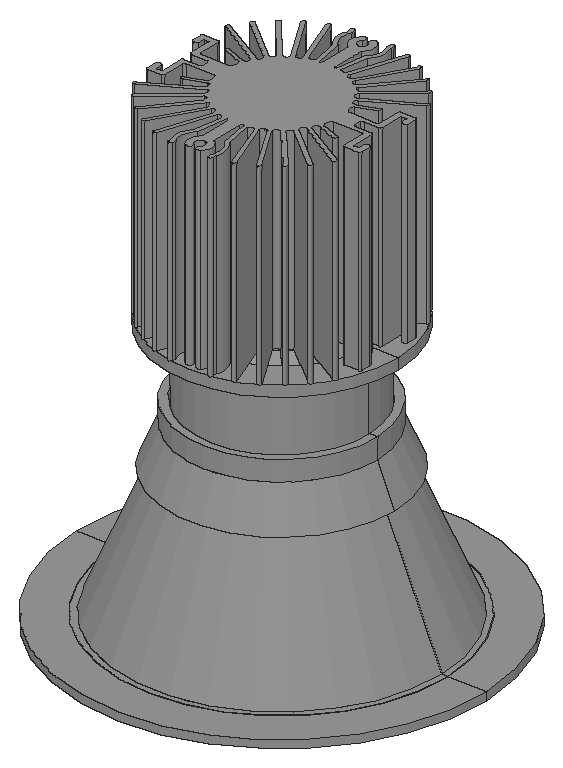
Revit family "Artemide_Everything_105", category Lighting Fixtures, Revit 2018 (continued)
Types (160, lengths in mm): name | V_TrimlessSquare | V_TrimlessRound | V_TrimSquare | V_TrimRound | V_Square | V_Round | Radius_RoundVoidReal | Photometric Web File | M_Trim | M_Louvre | M_HousingLed | built-in parameter 1150105 | Lumens | built-in parameter 1150107 | built-in parameter 1150106 | URL to O&M Manual | Trim Material | Trim Finish | Trim Colour  | Product Model Number | Product Literature | Overall Width | Overall Length | Output Lumens Direct light | Input Lumens Direct light | Initial Lumens | IES Files  | Housing Colour  | Face Shape | Efficiency | built-in parameter 1150104 | Distance_SquareVoidReal | Cut Out Width | Cut Out Length | Colour Temperature | Angle_LightReal | Adjustable
  Everything_105_Round_Trim_Adj_28°_3000K_White/PolishedMetal_M256625 | no | no | no | yes | no | yes | 42.5 | "M256625.IES" | Artemide_Aluminum_White | Artemide_Aluminum_PolishedMetal | Artemide_Aluminum_PolishedMetal | 66.26 (stored number, unit not read) | 832.65 lm | 3000 (stored number, unit not read) | 0.6626 (stored number, unit not read) | "https://www.artemide.com/contents/documenti/prodotto/everything_105_trim_instructions4838272.pdf" | "Aluminium" | "Painted" | "Polished Metal" | "M256625" | "https://www.artemide.com/it/subfamily/2433436/everything-105-trim" | 0 | 105 | 883 | 1390 | 883 | "https://www.artemide.com/product/downloadFile/2438585/ieseu/4916884" | "White" | "Round" | 60 | 5.9504 (stored number, unit not read) | 0.8 | 80 | 130 | 3000 | 60.00° | yes
  Everything_105_Round_Trim_Adj_28°_3000K_Silver/PolishedMetal_M256660 | no | no | no | yes | no | yes | 42.5 | "M256660.IES" | Artemide_Aluminum_BrushedSilver | Artemide_Aluminum_PolishedMetal | Artemide_Aluminum_PolishedMetal | 66.26 (stored number, unit not read) | 832.65 lm | 3000 (stored number, unit not read) | 0.6626 (stored number, unit not read) | "https://www.artemide.com/contents/documenti/prodotto/everything_105_trim_instructions4838272.pdf" | "Aluminium" | "Painted" | "Polished Metal" | "M256660" | "https://www.artemide.com/it/subfamily/2433436/everything-105-trim" | 0 | 105 | 883 | 1390 | 883 | "https://www.artemide.com/product/downloadFile/2438713/ieseu/4916967" | "Silver" | "Round" | 60 | 5.9504 (stored number, unit not read) | 0.8 | 80 | 130 | 3000 | 60.00° | yes
  Everything_105_Round_Trim_Adj_28°_3000K_Silver/PolishedMetal_M256665 | no | no | no | yes | no | yes | 42.5 | "M256665.IES" | Artemide_Aluminum_BrushedSilver | Artemide_Aluminum_PolishedMetal | Artemide_Aluminum_PolishedMetal | 66.26 (stored number, unit not read) | 832.65 lm | 3000 (stored number, unit not read) | 0.6626 (stored number, unit not read) | "https://www.artemide.com/contents/documenti/prodotto/everything_105_trim_instructions4838272.pdf" | "Aluminium" | "Painted" | "Polished Metal" | "M256665" | "https://www.artemide.com/it/subfamily/2433436/everything-105-trim" | 0 | 105 | 883 | 1390 | 883 | "https://www.artemide.com/product/downloadFile/2438841/ieseu/4916494" | "Silver" | "Round" | 60 | 5.9504 (stored number, unit not read) | 0.8 | 80 | 130 | 3000 | 60.00° | yes
  Everything_105_Round_Trim_46°_3000K_White/Black_M256220 | no | no | no | yes | no | yes | 42.5 | "M256220.IES" | Artemide_Aluminum_White | Artemide_Aluminum_Black | Artemide_Aluminum_Black | 57.85 (stored number, unit not read) | 726.96 lm | 3000 (stored number, unit not read) | 0.5785 (stored number, unit not read) | "https://www.artemide.com/contents/documenti/prodotto/everything_105_trim_instructions4838272.pdf" | "Aluminium" | "Painted" | "Black" | "M256220" | "https://www.artemide.com/it/subfamily/2433436/everything-105-trim" | 0 | 105 | 727 | 1390 | 727 | "https://www.artemide.com/product/downloadFile/2439998/ieseu/4917119" | "White" | "Round" | 52 | 5.1951 (stored number, unit not read) | 0.8 | 80 | 130 | 3000 | 90.00° | no
  Everything_105_Round_Trim_Adj_46°_3000K_White/Black_M256225 | no | no | no | yes | no | yes | 42.5 | "M256225.IES" | Artemide_Aluminum_White | Artemide_Aluminum_Black | Artemide_Aluminum_Black | 57.85 (stored number, unit not read) | 726.96 lm | 3000 (stored number, unit not read) | 0.5785 (stored number, unit not read) | "https://www.artemide.com/contents/documenti/prodotto/everything_105_trim_instructions4838272.pdf" | "Aluminium" | "Painted" | "Black" | "M256225" | "https://www.artemide.com/it/subfamily/2433436/everything-105-trim" | 0 | 105 | 727 | 1390 | 727 | "https://www.artemide.com/product/downloadFile/2440108/ieseu/4916871" | "White" | "Round" | 52 | 5.1951 (stored number, unit not read) | 0.8 | 80 | 130 | 3000 | 60.00° | yes
  Everything_105_Round_Trim_46°_3000K_Silver/Black_M256260 | no | no | no | yes | no | yes | 42.5 | "M256260.IES" | Artemide_Aluminum_BrushedSilver | Artemide_Aluminum_Black | Artemide_Aluminum_Black | 57.85 (stored number, unit not read) | 726.96 lm | 3000 (stored number, unit not read) | 0.5785 (stored number, unit not read) | "https://www.artemide.com/contents/documenti/prodotto/everything_105_trim_instructions4838272.pdf" | "Aluminium" | "Painted" | "Black" | "M256260" | "https://www.artemide.com/it/subfamily/2433436/everything-105-trim" | 0 | 105 | 727 | 1390 | 727 | "https://www.artemide.com/product/downloadFile/2440218/ieseu/4917185" | "Silver" | "Round" | 52 | 5.1951 (stored number, unit not read) | 0.8 | 80 | 130 | 3000 | 90.00° | no
  Everything_105_Round_Trim_Adj_46°_3000K_Silver/Black_M256265 | no | no | no | yes | no | yes | 42.5 | "M256265.IES" | Artemide_Aluminum_BrushedSilver | Artemide_Aluminum_Black | Artemide_Aluminum_Black | 57.85 (stored number, unit not read) | 726.96 lm | 3000 (stored number, unit not read) | 0.5785 (stored number, unit not read) | "https://www.artemide.com/contents/documenti/prodotto/everything_105_trim_instructions4838272.pdf" | "Aluminium" | "Painted" | "Black" | "M256265" | "https://www.artemide.com/it/subfamily/2433436/everything-105-trim" | 0 | 105 | 727 | 1390 | 727 | "https://www.artemide.com/product/downloadFile/2440328/ieseu/4916768" | "Silver" | "Round" | 52 | 5.1951 (stored number, unit not read) | 0.8 | 80 | 130 | 3000 | 60.00° | yes
  Everything_105_Square_Trim_Adj_25°_3000K_White/Black_M258225 | no | no | yes | no | yes | no | 0.3 | "M258225.IES" | Artemide_Aluminum_White | Artemide_Aluminum_Black | Artemide_Aluminum_Black | 70.678 (stored number, unit not read) | 888.16 lm | 3000 (stored number, unit not read) | 0.70678 (stored number, unit not read) | "https://www.artemide.com/contents/documenti/prodotto/everything_105_trim_instructions4838272.pdf" | "Aluminium" | "Painted" | "Black" | "M258225" | "https://www.artemide.com/it/subfamily/2433436/everything-105-trim" | 105 | 105 | 888 | 1390 | 888 | "https://www.artemide.com/product/downloadFile/2447632/ieseu/4917021" | "White" | "Square" | 64 | 6.3471 (stored number, unit not read) | 85 | 80 | 130 | 3000 | 60.00° | yes
  Everything_105_Square_Trim_25°_3000K_Silver/Black_M258260 | no | no | yes | no | yes | no | 0.3 | "M258260.IES" | Artemide_Aluminum_BrushedSilver | Artemide_Aluminum_Black | Artemide_Aluminum_Black | 70.678 (stored number, unit not read) | 888.16 lm | 3000 (stored number, unit not read) | 0.70678 (stored number, unit not read) | "https://www.artemide.com/contents/documenti/prodotto/everything_105_trim_instructions4838272.pdf" | "Aluminium" | "Painted" | "Black" | "M258260" | "https://www.artemide.com/it/subfamily/2433436/everything-105-trim" | 105 | 105 | 888 | 1390 | 888 | "https://www.artemide.com/product/downloadFile/2447782/ieseu/4916965" | "Silver" | "Square" | 64 | 6.3471 (stored number, unit not read) | 85 | 80 | 130 | 3000 | 90.00° | no
  Everything_105_Square_Trim_Adj_25°_3000K_Silver/Black_M258265 | no | no | yes | no | yes | no | 0.3 | "M258265.IES" | Artemide_Aluminum_BrushedSilver | Artemide_Aluminum_Black | Artemide_Aluminum_Black | 70.678 (stored number, unit not read) | 888.16 lm | 3000 (stored number, unit not read) | 0.70678 (stored number, unit not read) | "https://www.artemide.com/contents/documenti/prodotto/everything_105_trim_instructions4838272.pdf" | "Aluminium" | "Painted" | "Black" | "M258265" | "https://www.artemide.com/it/subfamily/2433436/everything-105-trim" | 105 | 105 | 888 | 1390 | 888 | "https://www.artemide.com/product/downloadFile/2447932/ieseu/4917066" | "Silver" | "Square" | 64 | 6.3471 (stored number, unit not read) | 85 | 80 | 130 | 3000 | 60.00° | yes
  Everything_105_Square_Trim_25°_3000K_White/PolishedMetal_M258820 | no | no | yes | no | yes | no | 0.3 | "M258820.IES" | Artemide_Aluminum_White | Artemide_Aluminum_PolishedMetal | Artemide_Aluminum_PolishedMetal | 77.65 (stored number, unit not read) | 975.78 lm | 3000 (stored number, unit not read) | 0.7765 (stored number, unit not read) | "https://www.artemide.com/contents/documenti/prodotto/everything_105_trim_instructions4838272.pdf" | "Aluminium" | "Painted" | "Polished Metal" | "M258820" | "https://www.artemide.com/it/subfamily/2433436/everything-105-trim" | 105 | 105 | 976 | 1390 | 976 | "https://www.artemide.com/product/downloadFile/2448082/ieseu/4917131" | "White" | "Square" | 70 | 6.9733 (stored number, unit not read) | 85 | 80 | 130 | 3000 | 90.00° | no
  Everything_105_Square_Trim_Adj_25°_3000K_White/PolishedMetal_M258825 | no | no | yes | no | yes | no | 0.3 | "M258825.IES" | Artemide_Aluminum_White | Artemide_Aluminum_PolishedMetal | Artemide_Aluminum_PolishedMetal | 77.65 (stored number, unit not read) | 975.78 lm | 3000 (stored number, unit not read) | 0.7765 (stored number, unit not read) | "https://www.artemide.com/contents/documenti/prodotto/everything_105_trim_instructions4838272.pdf" | "Aluminium" | "Painted" | "Polished Metal" | "M258825" | "https://www.artemide.com/it/subfamily/2433436/everything-105-trim" | 105 | 105 | 976 | 1390 | 976 | "https://www.artemide.com/product/downloadFile/2448232/ieseu/4917044" | "White" | "Square" | 70 | 6.9733 (stored number, unit not read) | 85 | 80 | 130 | 3000 | 60.00° | yes
  Everything_105_Square_Trim_25°_3000K_Silver/PolishedMetal_M258860 | no | no | yes | no | yes | no | 0.3 | "M258860.IES" | Artemide_Aluminum_BrushedSilver | Artemide_Aluminum_PolishedMetal | Artemide_Aluminum_PolishedMetal | 77.65 (stored number, unit not read) | 975.78 lm | 3000 (stored number, unit not read) | 0.7765 (stored number, unit not read) | "https://www.artemide.com/contents/documenti/prodotto/everything_105_trim_instructions4838272.pdf" | "Aluminium" | "Painted" | "Polished Metal" | "M258860" | "https://www.artemide.com/it/subfamily/2433436/everything-105-trim" | 105 | 105 | 976 | 1390 | 976 | "https://www.artemide.com/product/downloadFile/2448382/ieseu/4916821" | "Silver" | "Square" | 70 | 6.9733 (stored number, unit not read) | 85 | 80 | 130 | 3000 | 90.00° | no
  Everything_105_Square_Trim_Adj_25°_3000K_Silver/PolishedMetal_M258865 | no | no | yes | no | yes | no | 0.3 | "M258865.IES" | Artemide_Aluminum_BrushedSilver | Artemide_Aluminum_PolishedMetal | Artemide_Aluminum_PolishedMetal | 77.65 (stored number, unit not read) | 975.78 lm | 3000 (stored number, unit not read) | 0.7765 (stored number, unit not read) | "https://www.artemide.com/contents/documenti/prodotto/everything_105_trim_instructions4838272.pdf" | "Aluminium" | "Painted" | "Polished Metal" | "M258865" | "https://www.artemide.com/it/subfamily/2433436/everything-105-trim" | 105 | 105 | 976 | 1390 | 976 | "https://www.artemide.com/product/downloadFile/2448532/ieseu/4916627" | "Silver" | "Square" | 70 | 6.9733 (stored number, unit not read) | 85 | 80 | 130 | 3000 | 60.00° | yes
  Everything_105_Square_Trim_28°_3000K_White/Black_M258420 | no | no | yes | no | yes | no | 0.3 | "M258420.IES" | Artemide_Aluminum_White | Artemide_Aluminum_Black | Artemide_Aluminum_Black | 72.012 (stored number, unit not read) | 904.93 lm | 3000 (stored number, unit not read) | 0.72012 (stored number, unit not read) | "https://www.artemide.com/contents/documenti/prodotto/everything_105_trim_instructions4838272.pdf" | "Aluminium" | "Painted" | "Black" | "M258420" | "https://www.artemide.com/it/subfamily/2433436/everything-105-trim" | 105 | 105 | 905 | 1390 | 905 | "https://www.artemide.com/product/downloadFile/2450038/ieseu/4916500" | "White" | "Square" | 65 | 6.467 (stored number, unit not read) | 85 | 80 | 130 | 3000 | 90.00° | no
  Everything_105_Square_Trim_Adj_28°_3000K_White/Black_M258425 | no | no | yes | no | yes | no | 0.3 | "M258425.IES" | Artemide_Aluminum_White | Artemide_Aluminum_Black | Artemide_Aluminum_Black | 72.012 (stored number, unit not read) | 904.93 lm | 3000 (stored number, unit not read) | 0.72012 (stored number, unit not read) | "https://www.artemide.com/contents/documenti/prodotto/everything_105_trim_instructions4838272.pdf" | "Aluminium" | "Painted" | "Black" | "M258425" | "https://www.artemide.com/it/subfamily/2433436/everything-105-trim" | 105 | 105 | 905 | 1390 | 905 | "https://www.artemide.com/product/downloadFile/2450196/ieseu/4917170" | "White" | "Square" | 65 | 6.467 (stored number, unit not read) | 85 | 80 | 130 | 3000 | 60.00° | yes
  Everything_105_Square_Trim_28°_3000K_Silver/Black_M258460 | no | no | yes | no | yes | no | 0.3 | "M258460.IES" | Artemide_Aluminum_BrushedSilver | Artemide_Aluminum_Black | Artemide_Aluminum_Black | 72.012 (stored number, unit not read) | 904.93 lm | 3000 (stored number, unit not read) | 0.72012 (stored number, unit not read) | "https://www.artemide.com/contents/documenti/prodotto/everything_105_trim_instructions4838272.pdf" | "Aluminium" | "Painted" | "Black" | "M258460" | "https://www.artemide.com/it/subfamily/2433436/everything-105-trim" | 105 | 105 | 905 | 1390 | 905 | "https://www.artemide.com/product/downloadFile/2450354/ieseu/4916701" | "Silver" | "Square" | 65 | 6.467 (stored number, unit not read) | 85 | 80 | 130 | 3000 | 90.00° | no
  Everything_105_Square_Trim_Adj_28°_3000K_Silver/Black_M258465 | no | no | yes | no | yes | no | 0.3 | "M258465.IES" | Artemide_Aluminum_BrushedSilver | Artemide_Aluminum_Black | Artemide_Aluminum_Black | 72.012 (stored number, unit not read) | 904.93 lm | 3000 (stored number, unit not read) | 0.72012 (stored number, unit not read) | "https://www.artemide.com/contents/documenti/prodotto/everything_105_trim_instructions4838272.pdf" | "Aluminium" | "Painted" | "Black" | "M258465" | "https://www.artemide.com/it/subfamily/2433436/everything-105-trim" | 105 | 105 | 905 | 1390 | 905 | "https://www.artemide.com/product/downloadFile/2450670/ieseu/4916693" | "Silver" | "Square" | 65 | 6.467 (stored number, unit not read) | 85 | 80 | 130 | 3000 | 60.00° | yes
  Everything_105_Square_Trim_28°_3000K_White/PolishedMetal_M259020 | no | no | yes | no | yes | no | 0.3 | "M259020.IES" | Artemide_Aluminum_White | Artemide_Aluminum_PolishedMetal | Artemide_Aluminum_PolishedMetal | 56.081 (stored number, unit not read) | 704.73 lm | 3000 (stored number, unit not read) | 0.56081 (stored number, unit not read) | "https://www.artemide.com/contents/documenti/prodotto/everything_105_trim_instructions4838272.pdf" | "Aluminium" | "Painted" | "Polished Metal" | "M259020" | "https://www.artemide.com/it/subfamily/2433436/everything-105-trim" | 105 | 105 | 705 | 1390 | 705 | "https://www.artemide.com/product/downloadFile/2450828/ieseu/4916499" | "White" | "Square" | 51 | 5.0363 (stored number, unit not read) | 85 | 80 | 130 | 3000 | 90.00° | no
  Everything_105_Square_Trim_Adj_28°_3000K_White/PolishedMetal_M259025 | no | no | yes | no | yes | no | 0.3 | "M259025.IES" | Artemide_Aluminum_White | Artemide_Aluminum_PolishedMetal | Artemide_Aluminum_PolishedMetal | 56.081 (stored number, unit not read) | 704.73 lm | 3000 (stored number, unit not read) | 0.56081 (stored number, unit not read) | "https://www.artemide.com/contents/documenti/prodotto/everything_105_trim_instructions4838272.pdf" | "Aluminium" | "Painted" | "Polished Metal" | "M259025" | "https://www.artemide.com/it/subfamily/2433436/everything-105-trim" | 105 | 105 | 705 | 1390 | 705 | "https://www.artemide.com/product/downloadFile/2450986/ieseu/4917141" | "White" | "Square" | 51 | 5.0363 (stored number, unit not read) | 85 | 80 | 130 | 3000 | 60.00° | yes
  Everything_105_Square_Trim_28°_3000K_Silver/PolishedMetal_M259060 | no | no | yes | no | yes | no | 0.3 | "M259060.IES" | Artemide_Aluminum_BrushedSilver | Artemide_Aluminum_PolishedMetal | Artemide_Aluminum_PolishedMetal | 56.081 (stored number, unit not read) | 704.73 lm | 3000 (stored number, unit not read) | 0.56081 (stored number, unit not read) | "https://www.artemide.com/contents/documenti/prodotto/everything_105_trim_instructions4838272.pdf" | "Aluminium" | "Painted" | "Polished Metal" | "M259060" | "https://www.artemide.com/it/subfamily/2433436/everything-105-trim" | 105 | 105 | 705 | 1390 | 705 | "https://www.artemide.com/product/downloadFile/2451144/ieseu/4917192" | "Silver" | "Square" | 51 | 5.0363 (stored number, unit not read) | 85 | 80 | 130 | 3000 | 90.00° | no
  Everything_105_Square_Trim_28°_3000K_Silver/PolishedMetal_M259065 | no | no | yes | no | yes | no | 0.3 | "M259065.IES" | Artemide_Aluminum_BrushedSilver | Artemide_Aluminum_PolishedMetal | Artemide_Aluminum_PolishedMetal | 56.081 (stored number, unit not read) | 704.73 lm | 3000 (stored number, unit not read) | 0.56081 (stored number, unit not read) | "https://www.artemide.com/contents/documenti/prodotto/everything_105_trim_instructions4838272.pdf" | "Aluminium" | "Painted" | "Polished Metal" | "M259065" | "https://www.artemide.com/it/subfamily/2433436/everything-105-trim" | 105 | 105 | 705 | 1390 | 705 | "https://www.artemide.com/product/downloadFile/2451302/ieseu/4916850" | "Silver" | "Square" | 51 | 5.0363 (stored number, unit not read) | 85 | 80 | 130 | 3000 | 90.00° | no
  Everything_105_Square_Trim_46°_3000K_White/Black_M258620 | no | no | yes | no | yes | no | 0.3 | "M258620.IES" | Artemide_Aluminum_White | Artemide_Aluminum_Black | Artemide_Aluminum_Black | 58.843 (stored number, unit not read) | 739.44 lm | 3000 (stored number, unit not read) | 0.58843 (stored number, unit not read) | "https://www.artemide.com/contents/documenti/prodotto/everything_105_trim_instructions4838272.pdf" | "Aluminium" | "Painted" | "Black" | "M258620" | "https://www.artemide.com/it/subfamily/2433436/everything-105-trim" | 105 | 105 | 739 | 1390 | 739 | "https://www.artemide.com/product/downloadFile/2452742/ieseu/4916646" | "White" | "Square" | 53 | 5.2843 (stored number, unit not read) | 85 | 80 | 130 | 3000 | 90.00° | no
  Everything_105_Square_Trim_Adj_46°_3000K_White/Black_M258625 | no | no | yes | no | yes | no | 0.3 | "M258625.IES" | Artemide_Aluminum_White | Artemide_Aluminum_Black | Artemide_Aluminum_Black | 58.843 (stored number, unit not read) | 739.44 lm | 3000 (stored number, unit not read) | 0.58843 (stored number, unit not read) | "https://www.artemide.com/contents/documenti/prodotto/everything_105_trim_instructions4838272.pdf" | "Aluminium" | "Painted" | "Black" | "M258625" | "https://www.artemide.com/it/subfamily/2433436/everything-105-trim" | 105 | 105 | 739 | 1390 | 739 | "https://www.artemide.com/product/downloadFile/2452900/ieseu/4916677" | "White" | "Square" | 53 | 5.2843 (stored number, unit not read) | 85 | 80 | 130 | 3000 | 60.00° | yes
  Everything_105_Square_Trim_46°_3000K_Silver/Black_M258660 | no | no | yes | no | yes | no | 0.3 | "M258660.IES" | Artemide_Aluminum_BrushedSilver | Artemide_Aluminum_Black | Artemide_Aluminum_Black | 58.843 (stored number, unit not read) | 739.44 lm | 3000 (stored number, unit not read) | 0.58843 (stored number, unit not read) | "https://www.artemide.com/contents/documenti/prodotto/everything_105_trim_instructions4838272.pdf" | "Aluminium" | "Painted" | "Black" | "M258660" | "https://www.artemide.com/it/subfamily/2433436/everything-105-trim" | 105 | 105 | 739 | 1390 | 739 | "https://www.artemide.com/product/downloadFile/2453058/ieseu/4916557" | "Silver" | "Square" | 53 | 5.2843 (stored number, unit not read) | 85 | 80 | 130 | 3000 | 90.00° | no
  Everything_105_Square_Trim_Adj_46°_3000K_Silver/Black_M258665 | no | no | yes | no | yes | no | 0.3 | "M258665.IES" | Artemide_Aluminum_BrushedSilver | Artemide_Aluminum_Black | Artemide_Aluminum_Black | 58.843 (stored number, unit not read) | 739.44 lm | 3000 (stored number, unit not read) | 0.58843 (stored number, unit not read) | "https://www.artemide.com/contents/documenti/prodotto/everything_105_trim_instructions4838272.pdf" | "Aluminium" | "Painted" | "Black" | "M258665" | "https://www.artemide.com/it/subfamily/2433436/everything-105-trim" | 105 | 105 | 739 | 1390 | 739 | "https://www.artemide.com/product/downloadFile/2453216/ieseu/4916787" | "Silver" | "Square" | 53 | 5.2843 (stored number, unit not read) | 85 | 80 | 130 | 3000 | 60.00° | yes
  Everything_105_Round_Trim_25°_2700K_White/Black_M328120 | no | no | no | yes | no | yes | 42.5 | "M328120.IES" | Artemide_Aluminum_White | Artemide_Aluminum_Black | Artemide_Aluminum_Black | 65.298 (stored number, unit not read) | 820.56 lm | 2700 (stored number, unit not read) | 0.65298 (stored number, unit not read) | "https://www.artemide.com/contents/documenti/prodotto/everything_105_trim_instructions4838272.pdf" | "Aluminium" | "Painted" | "Black" | "M328120" | "https://www.artemide.com/it/subfamily/2433436/everything-105-trim" | 0 | 105 | 821 | 1330 | 821 | "https://www.artemide.com/product/downloadFile/4411056/ieseu/4916890" | "White" | "Round" | 62 | 5.864 (stored number, unit not read) | 0.8 | 80 | 130 | 2700 | 90.00° | no
  Everything_105_Round_Trim_25°_2700K_Silver/Black_M328160 | no | no | no | yes | no | yes | 42.5 | "M328160.IES" | Artemide_Aluminum_BrushedSilver | Artemide_Aluminum_Black | Artemide_Aluminum_Black | 65.298 (stored number, unit not read) | 820.56 lm | 2700 (stored number, unit not read) | 0.65298 (stored number, unit not read) | "https://www.artemide.com/contents/documenti/prodotto/everything_105_trim_instructions4838272.pdf" | "Aluminium" | "Painted" | "Black" | "M328160" | "https://www.artemide.com/it/subfamily/2433436/everything-105-trim" | 0 | 105 | 821 | 1330 | 821 | "https://www.artemide.com/product/downloadFile/4411945/ieseu/4916635" | "Silver" | "Round" | 62 | 5.864 (stored number, unit not read) | 0.8 | 80 | 130 | 2700 | 90.00° | no
  Everything_105_Round_Trim_25°_2700K_White/PolishedMetal_M328420 | no | no | no | yes | no | yes | 42.5 | "M328420.IES" | Artemide_Aluminum_White | Artemide_Aluminum_PolishedMetal | Artemide_Aluminum_PolishedMetal | 81.178 (stored number, unit not read) | 1020.11 lm | 2700 (stored number, unit not read) | 0.81178 (stored number, unit not read) | "https://www.artemide.com/contents/documenti/prodotto/everything_105_trim_instructions4838272.pdf" | "Aluminium" | "Painted" | "Polished Metal" | "M328420" | "https://www.artemide.com/it/subfamily/2433436/everything-105-trim" | 0 | 105 | 1020 | 1330 | 1020 | "https://www.artemide.com/product/downloadFile/4412095/ieseu/4916438" | "White" | "Round" | 77 | 7.2901 (stored number, unit not read) | 0.8 | 80 | 130 | 2700 | 90.00° | no
  Everything_105_Round_Trim_25°_2700K_Silver/PolishedMetal_M328460 | no | no | no | yes | no | yes | 42.5 | "M328460.IES" | Artemide_Aluminum_BrushedSilver | Artemide_Aluminum_PolishedMetal | Artemide_Aluminum_PolishedMetal | 81.178 (stored number, unit not read) | 1020.11 lm | 2700 (stored number, unit not read) | 0.81178 (stored number, unit not read) | "https://www.artemide.com/contents/documenti/prodotto/everything_105_trim_instructions4838272.pdf" | "Aluminium" | "Painted" | "Polished Metal" | "M328460" | "https://www.artemide.com/it/subfamily/2433436/everything-105-trim" | 0 | 105 | 1020 | 1330 | 1020 | "https://www.artemide.com/product/downloadFile/4412245/ieseu/4916696" | "Silver" | "Round" | 77 | 7.2901 (stored number, unit not read) | 0.8 | 80 | 130 | 2700 | 90.00° | no
  Everything_105_Round_Trim_28°_2700K_White/Black_M328220 | no | no | no | yes | no | yes | 42.5 | "M328220.IES" | Artemide_Aluminum_White | Artemide_Aluminum_Black | Artemide_Aluminum_Black | 65.091 (stored number, unit not read) | 817.96 lm | 2700 (stored number, unit not read) | 0.65091 (stored number, unit not read) | "https://www.artemide.com/contents/documenti/prodotto/everything_105_trim_instructions4838272.pdf" | "Aluminium" | "Painted" | "Black" | "M328220" | "https://www.artemide.com/it/subfamily/2433436/everything-105-trim" | 0 | 105 | 818 | 1330 | 818 | "https://www.artemide.com/product/downloadFile/4412395/ieseu/4916913" | "White" | "Round" | 62 | 5.8455 (stored number, unit not read) | 0.8 | 80 | 130 | 2700 | 90.00° | no
  Everything_105_Round_Trim_28°_2700K_Silver/Black_M328260 | no | no | no | yes | no | yes | 42.5 | "M328260.IES" | Artemide_Aluminum_BrushedSilver | Artemide_Aluminum_Black | Artemide_Aluminum_Black | 65.091 (stored number, unit not read) | 817.96 lm | 2700 (stored number, unit not read) | 0.65091 (stored number, unit not read) | "https://www.artemide.com/contents/documenti/prodotto/everything_105_trim_instructions4838272.pdf" | "Aluminium" | "Painted" | "Black" | "M328260" | "https://www.artemide.com/it/subfamily/2433436/everything-105-trim" | 0 | 105 | 818 | 1330 | 818 | "https://www.artemide.com/product/downloadFile/4412535/ieseu/4916781" | "Silver" | "Round" | 62 | 5.8455 (stored number, unit not read) | 0.8 | 80 | 130 | 2700 | 90.00° | no
  Everything_105_Round_Trim_28°_2700K_White/PolisheMetal_M328520 | no | no | no | yes | no | yes | 42.5 | "M328520.IES" | Artemide_Aluminum_White | Artemide_Aluminum_PolishedMetal | Artemide_Aluminum_PolishedMetal | 63.395 (stored number, unit not read) | 796.64 lm | 2700 (stored number, unit not read) | 0.63395 (stored number, unit not read) | "https://www.artemide.com/contents/documenti/prodotto/everything_105_trim_instructions4838272.pdf" | "Aluminium" | "Painted" | "Polished Metal" | "M328520" | "https://www.artemide.com/it/subfamily/2433436/everything-105-trim" | 0 | 105 | 797 | 1330 | 797 | "https://www.artemide.com/product/downloadFile/4412675/ieseu/4916906" | "White" | "Round" | 60 | 5.6931 (stored number, unit not read) | 0.8 | 80 | 130 | 2700 | 90.00° | no
  Everything_105_Round_Trim_28°_2700K_Silver/PolisheMetal_M328560 | no | no | no | yes | no | yes | 42.5 | "M328560.IES" | Artemide_Aluminum_BrushedSilver | Artemide_Aluminum_PolishedMetal | Artemide_Aluminum_PolishedMetal | 63.395 (stored number, unit not read) | 796.64 lm | 2700 (stored number, unit not read) | 0.63395 (stored number, unit not read) | "https://www.artemide.com/contents/documenti/prodotto/everything_105_trim_instructions4838272.pdf" | "Aluminium" | "Painted" | "Polished Metal" | "M328560" | "https://www.artemide.com/it/subfamily/2433436/everything-105-trim" | 0 | 105 | 797 | 1330 | 797 | "https://www.artemide.com/product/downloadFile/4412815/ieseu/4916993" | "Silver" | "Round" | 60 | 5.6931 (stored number, unit not read) | 0.8 | 80 | 130 | 2700 | 90.00° | no
  Everything_105_Round_Trim_46°_2700K_White/Black_M328320 | no | no | no | yes | no | yes | 42.5 | "M328320.IES" | Artemide_Aluminum_White | Artemide_Aluminum_Black | Artemide_Aluminum_Black | 55.356 (stored number, unit not read) | 695.63 lm | 2700 (stored number, unit not read) | 0.55356 (stored number, unit not read) | "https://www.artemide.com/contents/documenti/prodotto/everything_105_trim_instructions4838272.pdf" | "Aluminium" | "Painted" | "Black" | "M328320" | "https://www.artemide.com/it/subfamily/2433436/everything-105-trim" | 0 | 105 | 696 | 1330 | 696 | "https://www.artemide.com/product/downloadFile/4412955/ieseu/4916989" | "White" | "Round" | 52 | 4.9712 (stored number, unit not read) | 0.8 | 80 | 130 | 2700 | 90.00° | no
  Everything_105_Round_Trim_46°_2700K_Silver/Black_M328360 | no | no | no | yes | no | yes | 42.5 | "M328360.IES" | Artemide_Aluminum_BrushedSilver | Artemide_Aluminum_Black | Artemide_Aluminum_Black | 55.356 (stored number, unit not read) | 695.63 lm | 2700 (stored number, unit not read) | 0.55356 (stored number, unit not read) | "https://www.artemide.com/contents/documenti/prodotto/everything_105_trim_instructions4838272.pdf" | "Aluminium" | "Painted" | "Black" | "M328360" | "https://www.artemide.com/it/subfamily/2433436/everything-105-trim" | 0 | 105 | 696 | 1330 | 696 | "https://www.artemide.com/product/downloadFile/4413095/ieseu/4916458" | "Silver" | "Round" | 52 | 4.9712 (stored number, unit not read) | 0.8 | 80 | 130 | 2700 | 90.00° | no
  Everything_105_Round_Trim_Adj_25°_2700K_White/Black_M328125 | no | no | no | yes | no | yes | 42.5 | "M328125.IES" | Artemide_Aluminum_White | Artemide_Aluminum_Black | Artemide_Aluminum_Black | 65.298 (stored number, unit not read) | 820.56 lm | 2700 (stored number, unit not read) | 0.65298 (stored number, unit not read) | "https://www.artemide.com/contents/documenti/prodotto/everything_105_trim_instructions4838272.pdf" | "Aluminium" | "Painted" | "Black" | "M328125" | "https://www.artemide.com/it/subfamily/2433436/everything-105-trim" | 0 | 105 | 821 | 1330 | 821 | "https://www.artemide.com/product/downloadFile/4413235/ieseu/4917193" | "White" | "Round" | 62 | 5.864 (stored number, unit not read) | 0.8 | 80 | 130 | 2700 | 60.00° | yes
  Everything_105_Round_Trim_Adj_25°_2700K_Silver/Black_M328165 | no | no | no | yes | no | yes | 42.5 | "M328165.IES" | Artemide_Aluminum_BrushedSilver | Artemide_Aluminum_Black | Artemide_Aluminum_Black | 65.298 (stored number, unit not read) | 820.56 lm | 2700 (stored number, unit not read) | 0.65298 (stored number, unit not read) | "https://www.artemide.com/contents/documenti/prodotto/everything_105_trim_instructions4838272.pdf" | "Aluminium" | "Painted" | "Black" | "M328165" | "https://www.artemide.com/it/subfamily/2433436/everything-105-trim" | 0 | 105 | 821 | 1330 | 821 | "https://www.artemide.com/product/downloadFile/4413474/ieseu/4917025" | "Silver" | "Round" | 62 | 5.864 (stored number, unit not read) | 0.8 | 80 | 130 | 2700 | 60.00° | yes
  Everything_105_Round_Trim_Adj_25°_2700K_White/PolishedMetal_M328425 | no | no | no | yes | no | yes | 42.5 | "M328425.IES" | Artemide_Aluminum_White | Artemide_Aluminum_PolishedMetal | Artemide_Aluminum_PolishedMetal | 81.178 (stored number, unit not read) | 1020.11 lm | 2700 (stored number, unit not read) | 0.81178 (stored number, unit not read) | "https://www.artemide.com/contents/documenti/prodotto/everything_105_trim_instructions4838272.pdf" | "Aluminium" | "Painted" | "Polished Metal" | "M328425" | "https://www.artemide.com/it/subfamily/2433436/everything-105-trim" | 0 | 105 | 1020 | 1330 | 1020 | "https://www.artemide.com/product/downloadFile/4413624/ieseu/4916426" | "White" | "Round" | 77 | 7.2901 (stored number, unit not read) | 0.8 | 80 | 130 | 2700 | 60.00° | yes
  Everything_105_Round_Trim_Adj_25°_2700K_Silver/PolishedMetal_M328465 | no | no | no | yes | no | yes | 42.5 | "M328465.IES" | Artemide_Aluminum_BrushedSilver | Artemide_Aluminum_PolishedMetal | Artemide_Aluminum_PolishedMetal | 81.178 (stored number, unit not read) | 1020.11 lm | 2700 (stored number, unit not read) | 0.81178 (stored number, unit not read) | "https://www.artemide.com/contents/documenti/prodotto/everything_105_trim_instructions4838272.pdf" | "Aluminium" | "Painted" | "Polished Metal" | "M328465" | "https://www.artemide.com/it/subfamily/2433436/everything-105-trim" | 0 | 105 | 1020 | 1330 | 1020 | "https://www.artemide.com/product/downloadFile/4413774/ieseu/4916648" | "Silver" | "Round" | 77 | 7.2901 (stored number, unit not read) | 0.8 | 80 | 130 | 2700 | 60.00° | yes
  Everything_105_Round_Trim_Adj_28°_2700K_White/Black_M328225 | no | no | no | yes | no | yes | 42.5 | "M328225.IES" | Artemide_Aluminum_White | Artemide_Aluminum_Black | Artemide_Aluminum_Black | 65.091 (stored number, unit not read) | 817.96 lm | 2700 (stored number, unit not read) | 0.65091 (stored number, unit not read) | "https://www.artemide.com/contents/documenti/prodotto/everything_105_trim_instructions4838272.pdf" | "Aluminium" | "Painted" | "Black" | "M328225" | "https://www.artemide.com/it/subfamily/2433436/everything-105-trim" | 0 | 105 | 818 | 1330 | 818 | "https://www.artemide.com/product/downloadFile/4413924/ieseu/4916923" | "White" | "Round" | 62 | 5.8455 (stored number, unit not read) | 0.8 | 80 | 130 | 2700 | 60.00° | yes
  Everything_105_Round_Trim_Adj_28°_2700K_Silver/Black_M328265 | no | no | no | yes | no | yes | 42.5 | "M328265.IES" | Artemide_Aluminum_BrushedSilver | Artemide_Aluminum_Black | Artemide_Aluminum_Black | 65.091 (stored number, unit not read) | 817.96 lm | 2700 (stored number, unit not read) | 0.65091 (stored number, unit not read) | "https://www.artemide.com/contents/documenti/prodotto/everything_105_trim_instructions4838272.pdf" | "Aluminium" | "Painted" | "Black" | "M328265" | "https://www.artemide.com/it/subfamily/2433436/everything-105-trim" | 0 | 105 | 818 | 1330 | 818 | "https://www.artemide.com/product/downloadFile/4414064/ieseu/4916936" | "Silver" | "Round" | 62 | 5.8455 (stored number, unit not read) | 0.8 | 80 | 130 | 2700 | 60.00° | yes
  Everything_105_Round_Trim_Adj_28°_2700K_White/PolishedMetal_M328525 | no | no | no | yes | no | yes | 42.5 | "M328525.IES" | Artemide_Aluminum_White | Artemide_Aluminum_PolishedMetal | Artemide_Aluminum_PolishedMetal | 63.395 (stored number, unit not read) | 796.64 lm | 2700 (stored number, unit not read) | 0.63395 (stored number, unit not read) | "https://www.artemide.com/contents/documenti/prodotto/everything_105_trim_instructions4838272.pdf" | "Aluminium" | "Painted" | "Polished Metal" | "M328525" | "https://www.artemide.com/it/subfamily/2433436/everything-105-trim" | 0 | 105 | 797 | 1330 | 797 | "https://www.artemide.com/product/downloadFile/4414204/ieseu/4917088" | "White" | "Round" | 60 | 5.6931 (stored number, unit not read) | 0.8 | 80 | 130 | 2700 | 60.00° | yes
  Everything_105_Round_Trim_Adj_28°_2700K_Silver/PolishedMetal_M328565 | no | no | no | yes | no | yes | 42.5 | "M328565.IES" | Artemide_Aluminum_BrushedSilver | Artemide_Aluminum_PolishedMetal | Artemide_Aluminum_PolishedMetal | 63.395 (stored number, unit not read) | 796.64 lm | 2700 (stored number, unit not read) | 0.63395 (stored number, unit not read) | "https://www.artemide.com/contents/documenti/prodotto/everything_105_trim_instructions4838272.pdf" | "Aluminium" | "Painted" | "Polished Metal" | "M328565" | "https://www.artemide.com/it/subfamily/2433436/everything-105-trim" | 0 | 105 | 797 | 1330 | 797 | "https://www.artemide.com/product/downloadFile/4414344/ieseu/4916660" | "Silver" | "Round" | 60 | 5.6931 (stored number, unit not read) | 0.8 | 80 | 130 | 2700 | 60.00° | yes
  Everything_105_Round_Trim_Adj_46°_2700K_White/Black_M328325 | no | no | no | yes | no | yes | 42.5 | "M328325.IES" | Artemide_Aluminum_White | Artemide_Aluminum_Black | Artemide_Aluminum_Black | 55.356 (stored number, unit not read) | 695.63 lm | 2700 (stored number, unit not read) | 0.55356 (stored number, unit not read) | "https://www.artemide.com/contents/documenti/prodotto/everything_105_trim_instructions4838272.pdf" | "Aluminium" | "Painted" | "Black" | "M328325" | "https://www.artemide.com/it/subfamily/2433436/everything-105-trim" | 0 | 105 | 696 | 1330 | 696 | "https://www.artemide.com/product/downloadFile/4414484/ieseu/4916891" | "White" | "Round" | 52 | 4.9712 (stored number, unit not read) | 0.8 | 80 | 130 | 2700 | 60.00° | yes
  Everything_105_Round_Trim_Adj_46°_2700K_Silver/Black_M328365 | no | no | no | yes | no | yes | 42.5 | "M328365.IES" | Artemide_Aluminum_BrushedSilver | Artemide_Aluminum_Black | Artemide_Aluminum_Black | 55.356 (stored number, unit not read) | 695.63 lm | 2700 (stored number, unit not read) | 0.55356 (stored number, unit not read) | "https://www.artemide.com/contents/documenti/prodotto/everything_105_trim_instructions4838272.pdf" | "Aluminium" | "Painted" | "Black" | "M328365" | "https://www.artemide.com/it/subfamily/2433436/everything-105-trim" | 0 | 105 | 696 | 1330 | 696 | "https://www.artemide.com/product/downloadFile/4414624/ieseu/4916538" | "Silver" | "Round" | 52 | 4.9712 (stored number, unit not read) | 0.8 | 80 | 130 | 2700 | 60.00° | yes
  Everything_105_Square_Trim_25°_2700K_White/Black_M329320 | no | no | yes | no | yes | no | 0.3 | "M329320.IES" | Artemide_Aluminum_White | Artemide_Aluminum_Black | Artemide_Aluminum_Black | 67.626 (stored number, unit not read) | 849.81 lm | 2700 (stored number, unit not read) | 0.67626 (stored number, unit not read) | "https://www.artemide.com/contents/documenti/prodotto/everything_105_trim_instructions4838272.pdf" | "Aluminium" | "Painted" | "Black" | "M329320" | "https://www.artemide.com/it/subfamily/2433436/everything-105-trim" | 105 | 105 | 850 | 1330 | 850 | "https://www.artemide.com/product/downloadFile/4414764/ieseu/4916851" | "White" | "Square" | 64 | 6.0731 (stored number, unit not read) | 85 | 80 | 130 | 2700 | 90.00° | no
  Everything_105_Square_Trim_25°_2700K_Silver/Black_M329360 | no | no | yes | no | yes | no | 0.3 | "M329360.IES" | Artemide_Aluminum_BrushedSilver | Artemide_Aluminum_Black | Artemide_Aluminum_Black | 67.626 (stored number, unit not read) | 849.81 lm | 2700 (stored number, unit not read) | 0.67626 (stored number, unit not read) | "https://www.artemide.com/contents/documenti/prodotto/everything_105_trim_instructions4838272.pdf" | "Aluminium" | "Painted" | "Black" | "M329360" | "https://www.artemide.com/it/subfamily/2433436/everything-105-trim" | 105 | 105 | 850 | 1330 | 850 | "https://www.artemide.com/product/downloadFile/4415003/ieseu/4916425" | "Silver" | "Square" | 64 | 6.0731 (stored number, unit not read) | 85 | 80 | 130 | 2700 | 90.00° | no
  Everything_105_Square_Trim_25°_2700K_White/PolishedMetal_M329620 | no | no | yes | no | yes | no | 0.3 | "M329620.IES" | Artemide_Aluminum_White | Artemide_Aluminum_PolishedMetal | Artemide_Aluminum_PolishedMetal | 74.298 (stored number, unit not read) | 933.66 lm | 2700 (stored number, unit not read) | 0.74298 (stored number, unit not read) | "https://www.artemide.com/contents/documenti/prodotto/everything_105_trim_instructions4838272.pdf" | "Aluminium" | "Painted" | "Polished Metal" | "M329620" | "https://www.artemide.com/it/subfamily/2433436/everything-105-trim" | 105 | 105 | 934 | 1330 | 934 | "https://www.artemide.com/product/downloadFile/4415153/ieseu/4916553" | "White" | "Square" | 70 | 6.6723 (stored number, unit not read) | 85 | 80 | 130 | 2700 | 90.00° | no
  Everything_105_Square_Trim_25°_2700K_Silver/PolishedMetal_M329660 | no | no | yes | no | yes | no | 0.3 | "M329660.IES" | Artemide_Aluminum_BrushedSilver | Artemide_Aluminum_PolishedMetal | Artemide_Aluminum_PolishedMetal | 74.298 (stored number, unit not read) | 933.66 lm | 2700 (stored number, unit not read) | 0.74298 (stored number, unit not read) | "https://www.artemide.com/contents/documenti/prodotto/everything_105_trim_instructions4838272.pdf" | "Aluminium" | "Painted" | "Polished Metal" | "M329660" | "https://www.artemide.com/it/subfamily/2433436/everything-105-trim" | 105 | 105 | 934 | 1330 | 934 | "https://www.artemide.com/product/downloadFile/4415303/ieseu/4917129" | "Silver" | "Square" | 70 | 6.6723 (stored number, unit not read) | 85 | 80 | 130 | 2700 | 90.00° | no
  Everything_105_Square_Trim_28°_2700K_White/Black_M329420 | no | no | yes | no | yes | no | 0.3 | "M329420.IES" | Artemide_Aluminum_White | Artemide_Aluminum_Black | Artemide_Aluminum_Black | 68.898 (stored number, unit not read) | 865.8 lm | 270 (stored number, unit not read) | 0.68898 (stored number, unit not read) | "https://www.artemide.com/contents/documenti/prodotto/everything_105_trim_instructions4838272.pdf" | "Aluminium" | "Painted" | "Black" | "M329420" | "https://www.artemide.com/it/subfamily/2433436/everything-105-trim" | 105 | 105 | 866 | 1330 | 866 | "https://www.artemide.com/product/downloadFile/4415443/ieseu/4917004" | "White" | "Square" | 65 | 6.1873 (stored number, unit not read) | 85 | 80 | 130 | 270 | 90.00° | no
  Everything_105_Square_Trim_28°_2700K_Silver/Black_M329460 | no | no | yes | no | yes | no | 0.3 | "M329460.IES" | Artemide_Aluminum_BrushedSilver | Artemide_Aluminum_Black | Artemide_Aluminum_Black | 68.898 (stored number, unit not read) | 865.8 lm | 270 (stored number, unit not read) | 0.68898 (stored number, unit not read) | "https://www.artemide.com/contents/documenti/prodotto/everything_105_trim_instructions4838272.pdf" | "Aluminium" | "Painted" | "Black" | "M329460" | "https://www.artemide.com/it/subfamily/2433436/everything-105-trim" | 105 | 105 | 866 | 1330 | 866 | "https://www.artemide.com/product/downloadFile/4415583/ieseu/4916978" | "Silver" | "Square" | 65 | 6.1873 (stored number, unit not read) | 85 | 80 | 130 | 270 | 90.00° | no
  Everything_105_Square_Trim_28°_2700K_White/PolishedMetal_M329720 | no | no | yes | no | yes | no | 0.3 | "M329720.IES" | Artemide_Aluminum_White | Artemide_Aluminum_PolishedMetal | Artemide_Aluminum_PolishedMetal | 53.66 (stored number, unit not read) | 674.31 lm | 2700 (stored number, unit not read) | 0.5366 (stored number, unit not read) | "https://www.artemide.com/contents/documenti/prodotto/everything_105_trim_instructions4838272.pdf" | "Aluminium" | "Painted" | "Polished Metal" | "M329720" | "https://www.artemide.com/it/subfamily/2433436/everything-105-trim" | 105 | 105 | 674 | 1330 | 674 | "https://www.artemide.com/product/downloadFile/4415723/ieseu/4916733" | "White" | "Square" | 51 | 4.8189 (stored number, unit not read) | 85 | 80 | 130 | 2700 | 90.00° | no
  Everything_105_Square_Trim_28°_2700K_Silver/PolishedMetal_M329760 | no | no | yes | no | yes | no | 0.3 | "M329760.IES" | Artemide_Aluminum_BrushedSilver | Artemide_Aluminum_PolishedMetal | Artemide_Aluminum_PolishedMetal | 53.66 (stored number, unit not read) | 674.31 lm | 2700 (stored number, unit not read) | 0.5366 (stored number, unit not read) | "https://www.artemide.com/contents/documenti/prodotto/everything_105_trim_instructions4838272.pdf" | "Aluminium" | "Painted" | "Polished Metal" | "M329760" | "https://www.artemide.com/it/subfamily/2433436/everything-105-trim" | 105 | 105 | 674 | 1330 | 674 | "https://www.artemide.com/product/downloadFile/4415863/ieseu/4917160" | "Silver" | "Square" | 51 | 4.8189 (stored number, unit not read) | 85 | 80 | 130 | 2700 | 90.00° | no
  Everything_105_Square_Trim_46°_2700K_White/Black_M329520 | no | no | yes | no | yes | no | 0.3 | "M329520.IES" | Artemide_Aluminum_White | Artemide_Aluminum_Black | Artemide_Aluminum_Black | 56.308 (stored number, unit not read) | 707.59 lm | 2700 (stored number, unit not read) | 0.56308 (stored number, unit not read) | "https://www.artemide.com/contents/documenti/prodotto/everything_105_trim_instructions4838272.pdf" | "Aluminium" | "Painted" | "Black" | "M329520" | "https://www.artemide.com/it/subfamily/2433436/everything-105-trim" | 105 | 105 | 708 | 1330 | 708 | "https://www.artemide.com/product/downloadFile/4416003/ieseu/4916707" | "White" | "Square" | 53 | 5.0567 (stored number, unit not read) | 85 | 80 | 130 | 2700 | 90.00° | no
  Everything_105_Square_Trim_46°_2700K_Silver/Black_M329560 | no | no | yes | no | yes | no | 0.3 | "M329560.IES" | Artemide_Aluminum_BrushedSilver | Artemide_Aluminum_Black | Artemide_Aluminum_Black | 56.308 (stored number, unit not read) | 707.59 lm | 2700 (stored number, unit not read) | 0.56308 (stored number, unit not read) | "https://www.artemide.com/contents/documenti/prodotto/everything_105_trim_instructions4838272.pdf" | "Aluminium" | "Painted" | "Black" | "M329560" | "https://www.artemide.com/it/subfamily/2433436/everything-105-trim" | 105 | 105 | 708 | 1330 | 708 | "https://www.artemide.com/product/downloadFile/4416306/ieseu/4916868" | "Silver" | "Square" | 53 | 5.0567 (stored number, unit not read) | 85 | 80 | 130 | 2700 | 90.00° | no
  Everything_105_Square_Trim_Adj_25°_2700K_White/Black_M329325 | no | no | yes | no | yes | no | 0.3 | "M329325.IES" | Artemide_Aluminum_White | Artemide_Aluminum_Black | Artemide_Aluminum_Black | 67.626 (stored number, unit not read) | 849.81 lm | 2700 (stored number, unit not read) | 0.67626 (stored number, unit not read) | "https://www.artemide.com/contents/documenti/prodotto/everything_105_trim_instructions4838272.pdf" | "Aluminium" | "Painted" | "Black" | "M329325" | "https://www.artemide.com/it/subfamily/2433436/everything-105-trim" | 105 | 105 | 850 | 1330 | 850 | "https://www.artemide.com/product/downloadFile/4416446/ieseu/4916980" | "White" | "Square" | 64 | 6.0731 (stored number, unit not read) | 85 | 80 | 130 | 2700 | 60.00° | yes
  Everything_105_Square_Trim_Adj_25°_2700K_Silver/Black_M329365 | no | no | yes | no | yes | no | 0.3 | "M329365.IES" | Artemide_Aluminum_BrushedSilver | Artemide_Aluminum_Black | Artemide_Aluminum_Black | 67.626 (stored number, unit not read) | 849.81 lm | 2700 (stored number, unit not read) | 0.67626 (stored number, unit not read) | "https://www.artemide.com/contents/documenti/prodotto/everything_105_trim_instructions4838272.pdf" | "Aluminium" | "Painted" | "Black" | "M329365" | "https://www.artemide.com/it/subfamily/2433436/everything-105-trim" | 105 | 105 | 850 | 1330 | 850 | "https://www.artemide.com/product/downloadFile/4416685/ieseu/4917106" | "Silver" | "Square" | 64 | 6.0731 (stored number, unit not read) | 85 | 80 | 130 | 2700 | 60.00° | yes
  Everything_105_Square_Trim_Adj_25°_2700K_White/PolishedMetal_M329625 | no | no | yes | no | yes | no | 0.3 | "M329625.IES" | Artemide_Aluminum_White | Artemide_Aluminum_PolishedMetal | Artemide_Aluminum_PolishedMetal | 74.298 (stored number, unit not read) | 933.66 lm | 2700 (stored number, unit not read) | 0.74298 (stored number, unit not read) | "https://www.artemide.com/contents/documenti/prodotto/everything_105_trim_instructions4838272.pdf" | "Aluminium" | "Painted" | "Polished Metal" | "M329625" | "https://www.artemide.com/it/subfamily/2433436/everything-105-trim" | 105 | 105 | 934 | 1330 | 934 | "https://www.artemide.com/product/downloadFile/4416835/ieseu/4916979" | "White" | "Square" | 70 | 6.6723 (stored number, unit not read) | 85 | 80 | 130 | 2700 | 60.00° | yes
  Everything_105_Square_Trim_Adj_25°_2700K_Silver/PolishedMetal_M329665 | no | no | yes | no | yes | no | 0.3 | "M329665.IES" | Artemide_Aluminum_BrushedSilver | Artemide_Aluminum_PolishedMetal | Artemide_Aluminum_PolishedMetal | 74.298 (stored number, unit not read) | 933.66 lm | 2700 (stored number, unit not read) | 0.74298 (stored number, unit not read) | "https://www.artemide.com/contents/documenti/prodotto/everything_105_trim_instructions4838272.pdf" | "Aluminium" | "Painted" | "Polished Metal" | "M329665" | "https://www.artemide.com/it/subfamily/2433436/everything-105-trim" | 105 | 105 | 934 | 1330 | 934 | "https://www.artemide.com/product/downloadFile/4416985/ieseu/4917087" | "Silver" | "Square" | 70 | 6.6723 (stored number, unit not read) | 85 | 80 | 130 | 2700 | 60.00° | yes
  Everything_105_Square_Trim_Adj_28°_2700K_White/Black_M329425 | no | no | yes | no | yes | no | 0.3 | "M329425.IES" | Artemide_Aluminum_White | Artemide_Aluminum_Black | Artemide_Aluminum_Black | 68.898 (stored number, unit not read) | 865.8 lm | 2700 (stored number, unit not read) | 0.68898 (stored number, unit not read) | "https://www.artemide.com/contents/documenti/prodotto/everything_105_trim_instructions4838272.pdf" | "Aluminium" | "Painted" | "Black" | "M329425" | "https://www.artemide.com/it/subfamily/2433436/everything-105-trim" | 105 | 105 | 866 | 1330 | 866 | "https://www.artemide.com/product/downloadFile/4417135/ieseu/4917019" | "White" | "Square" | 65 | 6.1873 (stored number, unit not read) | 85 | 80 | 130 | 2700 | 60.00° | yes
  Everything_105_Square_Trim_Adj_28°_2700K_Silver/Black_M329465 | no | no | yes | no | yes | no | 0.3 | "M329465.IES" | Artemide_Aluminum_BrushedSilver | Artemide_Aluminum_Black | Artemide_Aluminum_Black | 68.898 (stored number, unit not read) | 865.8 lm | 2700 (stored number, unit not read) | 0.68898 (stored number, unit not read) | "https://www.artemide.com/contents/documenti/prodotto/everything_105_trim_instructions4838272.pdf" | "Aluminium" | "Painted" | "Black" | "M329465" | "https://www.artemide.com/it/subfamily/2433436/everything-105-trim" | 105 | 105 | 866 | 1330 | 866 | "https://www.artemide.com/product/downloadFile/4417275/ieseu/4917090" | "Silver" | "Square" | 65 | 6.1873 (stored number, unit not read) | 85 | 80 | 130 | 2700 | 60.00° | yes
  Everything_105_Square_Trim_Adj_28°_2700K_White/PolishedMetal_M329725 | no | no | yes | no | yes | no | 0.3 | "M329725.IES" | Artemide_Aluminum_White | Artemide_Aluminum_PolishedMetal | Artemide_Aluminum_PolishedMetal | 53.66 (stored number, unit not read) | 674.31 lm | 2700 (stored number, unit not read) | 0.5366 (stored number, unit not read) | "https://www.artemide.com/contents/documenti/prodotto/everything_105_trim_instructions4838272.pdf" | "Aluminium" | "Painted" | "Polished Metal" | "M329725" | "https://www.artemide.com/it/subfamily/2433436/everything-105-trim" | 105 | 105 | 674 | 1330 | 674 | "https://www.artemide.com/product/downloadFile/4417415/ieseu/4917157" | "White" | "Square" | 51 | 4.8189 (stored number, unit not read) | 85 | 80 | 130 | 2700 | 60.00° | yes
  Everything_105_Square_Trim_Adj_28°_2700K_Silver/PolishedMetal_M329765 | no | no | yes | no | yes | no | 0.3 | "M329765.IES" | Artemide_Aluminum_BrushedSilver | Artemide_Aluminum_PolishedMetal | Artemide_Aluminum_PolishedMetal | 53.66 (stored number, unit not read) | 674.31 lm | 2700 (stored number, unit not read) | 0.5366 (stored number, unit not read) | "https://www.artemide.com/contents/documenti/prodotto/everything_105_trim_instructions4838272.pdf" | "Aluminium" | "Painted" | "Polished Metal" | "M329765" | "https://www.artemide.com/it/subfamily/2433436/everything-105-trim" | 105 | 105 | 674 | 1330 | 674 | "https://www.artemide.com/product/downloadFile/4417555/ieseu/4916541" | "Silver" | "Square" | 51 | 4.8189 (stored number, unit not read) | 85 | 80 | 130 | 2700 | 60.00° | yes
  Everything_105_Square_Trim_Adj_46°_2700K_White/Black_M329525 | no | no | yes | no | yes | no | 0.3 | "M329525.IES" | Artemide_Aluminum_White | Artemide_Aluminum_Black | Artemide_Aluminum_Black | 56.308 (stored number, unit not read) | 707.59 lm | 2700 (stored number, unit not read) | 0.56308 (stored number, unit not read) | "https://www.artemide.com/contents/documenti/prodotto/everything_105_trim_instructions4838272.pdf" | "Aluminium" | "Painted" | "Black" | "M329525" | "https://www.artemide.com/it/subfamily/2433436/everything-105-trim" | 105 | 105 | 708 | 1330 | 708 | "https://www.artemide.com/product/downloadFile/4417695/ieseu/4916549" | "White" | "Square" | 53 | 5.0567 (stored number, unit not read) | 85 | 80 | 130 | 2700 | 60.00° | yes
  Everything_105_Square_Trim_Adj_46°_2700K_Silver/Black_M329565 | no | no | yes | no | yes | no | 0.3 | "M329565.IES" | Artemide_Aluminum_BrushedSilver | Artemide_Aluminum_Black | Artemide_Aluminum_Black | 56.308 (stored number, unit not read) | 707.59 lm | 2700 (stored number, unit not read) | 0.56308 (stored number, unit not read) | "https://www.artemide.com/contents/documenti/prodotto/everything_105_trim_instructions4838272.pdf" | "Aluminium" | "Painted" | "Black" | "M329565" | "https://www.artemide.com/it/subfamily/2433436/everything-105-trim" | 105 | 105 | 708 | 1330 | 708 | "https://www.artemide.com/product/downloadFile/4417835/ieseu/4916996" | "Silver" | "Square" | 53 | 5.0567 (stored number, unit not read) | 85 | 80 | 130 | 2700 | 60.00° | yes
  Everything_105_Round_Trim_46°_2700K_Black/Black_M328340 | no | no | no | yes | no | yes | 42.5 | "M328340.IES" | Artemide_Aluminum_Black | Artemide_Aluminum_Black | Artemide_Aluminum_Black | 55.356 (stored number, unit not read) | 695.63 lm | 2700 (stored number, unit not read) | 0.55356 (stored number, unit not read) | "https://www.artemide.com/contents/documenti/prodotto/everything_105_trim_instructions4838272.pdf" | "Aluminium" | "Painted" | "Black" | "M328340" | "https://www.artemide.com/it/subfamily/2433436/everything-105-trim" | 0 | 105 | 696 | 1330 | 696 | "https://www.artemide.com/product/downloadFile/4750520/ieseu/4916876" | "Black" | "Round" | 52 | 4.9712 (stored number, unit not read) | 0.8 | 80 | 130 | 2700 | 90.00° | no
  Everything_105_Round_Trim_28°_2700K_Black/Black_M328240 | no | no | no | yes | no | yes | 42.5 | "M328240.IES" | Artemide_Aluminum_Black | Artemide_Aluminum_Black | Artemide_Aluminum_Black | 65.091 (stored number, unit not read) | 817.96 lm | 2700 (stored number, unit not read) | 0.65091 (stored number, unit not read) | "https://www.artemide.com/contents/documenti/prodotto/everything_105_trim_instructions4838272.pdf" | "Aluminium" | "Painted" | "Black" | "M328240" | "https://www.artemide.com/it/subfamily/2433436/everything-105-trim" | 0 | 105 | 818 | 1330 | 818 | "https://www.artemide.com/product/downloadFile/4750521/ieseu/4916911" | "Black" | "Round" | 62 | 5.8455 (stored number, unit not read) | 0.8 | 80 | 130 | 2700 | 90.00° | no
  Everything_105_Round_Trim_28°_2700K_Black/PolishedMetal_M328540 | no | no | no | yes | no | yes | 42.5 | "M328540.IES" | Artemide_Aluminum_Black | Artemide_Aluminum_PolishedMetal | Artemide_Aluminum_PolishedMetal | 63.395 (stored number, unit not read) | 796.64 lm | 2700 (stored number, unit not read) | 0.63395 (stored number, unit not read) | "https://www.artemide.com/contents/documenti/prodotto/everything_105_trim_instructions4838272.pdf" | "Aluminium" | "Painted" | "Polished Metal" | "M328540" | "https://www.artemide.com/it/subfamily/2433436/everything-105-trim" | 0 | 105 | 797 | 1330 | 797 | "https://www.artemide.com/product/downloadFile/4750523/ieseu/4916933" | "Black" | "Round" | 60 | 5.6931 (stored number, unit not read) | 0.8 | 80 | 130 | 2700 | 90.00° | no
  Everything_105_Round_Trim_Adj_25°_2700K_Black/Black_M328145 | no | no | no | yes | no | yes | 42.5 | "M328145.IES" | Artemide_Aluminum_Black | Artemide_Aluminum_Black | Artemide_Aluminum_Black | 65.298 (stored number, unit not read) | 820.56 lm | 2700 (stored number, unit not read) | 0.65298 (stored number, unit not read) | "https://www.artemide.com/contents/documenti/prodotto/everything_105_trim_instructions4838272.pdf" | "Aluminium" | "Painted" | "Black" | "M328145" | "https://www.artemide.com/it/subfamily/2433436/everything-105-trim" | 0 | 105 | 821 | 1330 | 821 | "https://www.artemide.com/product/downloadFile/4750524/ieseu/4916926" | "Black" | "Round" | 62 | 5.864 (stored number, unit not read) | 0.8 | 80 | 130 | 2700 | 60.00° | yes
  Everything_105_Round_Trim_Adj_46°_2700K_Black/Black_M328345 | no | no | no | yes | no | yes | 42.5 | "M328345.IES" | Artemide_Aluminum_Black | Artemide_Aluminum_Black | Artemide_Aluminum_Black | 55.356 (stored number, unit not read) | 695.63 lm | 2700 (stored number, unit not read) | 0.55356 (stored number, unit not read) | "https://www.artemide.com/contents/documenti/prodotto/everything_105_trim_instructions4838272.pdf" | "Aluminium" | "Painted" | "Black" | "M328345" | "https://www.artemide.com/it/subfamily/2433436/everything-105-trim" | 0 | 105 | 696 | 1330 | 696 | "https://www.artemide.com/product/downloadFile/4750525/ieseu/4916548" | "Black" | "Round" | 52 | 4.9712 (stored number, unit not read) | 0.8 | 80 | 130 | 2700 | 60.00° | yes
  Everything_105_Round_Trim_Adj_28°_2700K_Black/Black_M328245 | no | no | no | yes | no | yes | 42.5 | "M328245.IES" | Artemide_Aluminum_Black | Artemide_Aluminum_Black | Artemide_Aluminum_Black | 65.091 (stored number, unit not read) | 817.96 lm | 2700 (stored number, unit not read) | 0.65091 (stored number, unit not read) | "https://www.artemide.com/contents/documenti/prodotto/everything_105_trim_instructions4838272.pdf" | "Aluminium" | "Painted" | "Black" | "M328245" | "https://www.artemide.com/it/subfamily/2433436/everything-105-trim" | 0 | 105 | 818 | 1330 | 818 | "https://www.artemide.com/product/downloadFile/4750526/ieseu/4916580" | "Black" | "Round" | 62 | 5.8455 (stored number, unit not read) | 0.8 | 80 | 130 | 2700 | 60.00° | yes
  Everything_105_Round_Trim_Adj_25°_2700K_Black/PolishedMetal_M328445 | no | no | no | yes | no | yes | 42.5 | "M328445.IES" | Artemide_Aluminum_Black | Artemide_Aluminum_PolishedMetal | Artemide_Aluminum_PolishedMetal | 81.178 (stored number, unit not read) | 1020.11 lm | 2700 (stored number, unit not read) | 0.81178 (stored number, unit not read) | "https://www.artemide.com/contents/documenti/prodotto/everything_105_trim_instructions4838272.pdf" | "Aluminium" | "Painted" | "Polished Metal" | "M328445" | "https://www.artemide.com/it/subfamily/2433436/everything-105-trim" | 0 | 105 | 1020 | 1330 | 1020 | "https://www.artemide.com/product/downloadFile/4750527/ieseu/4917188" | "Black" | "Round" | 77 | 7.2901 (stored number, unit not read) | 0.8 | 80 | 130 | 2700 | 60.00° | yes
  Everything_105_Round_Trim_Adj_28°_2700K_Black/PolishedMetal_M328545 | no | no | no | yes | no | yes | 42.5 | "M328545.IES" | Artemide_Aluminum_Black | Artemide_Aluminum_PolishedMetal | Artemide_Aluminum_PolishedMetal | 63.395 (stored number, unit not read) | 796.64 lm | 2700 (stored number, unit not read) | 0.63395 (stored number, unit not read) | "https://www.artemide.com/contents/documenti/prodotto/everything_105_trim_instructions4838272.pdf" | "Aluminium" | "Painted" | "Polished Metal" | "M328545" | "https://www.artemide.com/it/subfamily/2433436/everything-105-trim" | 0 | 105 | 797 | 1330 | 797 | "https://www.artemide.com/product/downloadFile/4750528/ieseu/4917095" | "Black" | "Round" | 60 | 5.6931 (stored number, unit not read) | 0.8 | 80 | 130 | 2700 | 60.00° | yes
  Everything_105_Round_Trim_25°_2700K_Black/PolishedMetal_M328440 | no | no | no | yes | no | yes | 42.5 | "M328440.IES" | Artemide_Aluminum_Black | Artemide_Aluminum_PolishedMetal | Artemide_Aluminum_PolishedMetal | 81.178 (stored number, unit not read) | 1020.11 lm | 2700 (stored number, unit not read) | 0.81178 (stored number, unit not read) | "https://www.artemide.com/contents/documenti/prodotto/everything_105_trim_instructions4838272.pdf" | "Aluminium" | "Painted" | "Polished Metal" | "M328440" | "https://www.artemide.com/it/subfamily/2433436/everything-105-trim" | 0 | 105 | 1020 | 1330 | 1020 | "https://www.artemide.com/product/downloadFile/4750522/ieseu/4916558" | "Black" | "Round" | 77 | 7.2901 (stored number, unit not read) | 0.8 | 80 | 130 | 2700 | 90.00° | no
  Everything_105_Round_Trim_25°_3000K_Black/Black_M255840 | no | no | no | yes | no | yes | 42.5 | "M255840.IES" | Artemide_Aluminum_Black | Artemide_Aluminum_Black | Artemide_Aluminum_Black | 68.246 (stored number, unit not read) | 857.61 lm | 3000 (stored number, unit not read) | 0.68246 (stored number, unit not read) | "https://www.artemide.com/contents/documenti/prodotto/everything_105_trim_instructions4838272.pdf" | "Aluminium" | "Painted" | "Black" | "M255840" | "https://www.artemide.com/it/subfamily/2433436/everything-105-trim" | 0 | 105 | 858 | 1390 | 858 | "https://www.artemide.com/product/downloadFile/4750529/ieseu/4916874" | "Black" | "Round" | 62 | 6.1288 (stored number, unit not read) | 0.8 | 80 | 130 | 3000 | 90.00° | no
  Everything_105_Round_Trim_Adj_25°_3000K_Black/Black_M255845 | no | no | no | yes | no | yes | 42.5 | "M255845.IES" | Artemide_Aluminum_Black | Artemide_Aluminum_Black | Artemide_Aluminum_Black | 68.246 (stored number, unit not read) | 857.61 lm | 3000 (stored number, unit not read) | 0.68246 (stored number, unit not read) | "https://www.artemide.com/contents/documenti/prodotto/everything_105_trim_instructions4838272.pdf" | "Aluminium" | "Painted" | "Black" | "M255845" | "https://www.artemide.com/it/subfamily/2433436/everything-105-trim" | 0 | 105 | 858 | 1390 | 858 | "https://www.artemide.com/product/downloadFile/4750530/ieseu/4916842" | "Black" | "Round" | 62 | 6.1288 (stored number, unit not read) | 0.8 | 80 | 130 | 3000 | 60.00° | yes
  Everything_105_Round_Trim_25°_3000K_Black/PolishedMetal_M256440 | no | no | no | yes | no | yes | 42.5 | "M256440.IES" | Artemide_Aluminum_Black | Artemide_Aluminum_PolishedMetal | Artemide_Aluminum_PolishedMetal | 84.84 (stored number, unit not read) | 1066.13 lm | 3000 (stored number, unit not read) | 0.8484 (stored number, unit not read) | "https://www.artemide.com/contents/documenti/prodotto/everything_105_trim_instructions4838272.pdf" | "Aluminium" | "Painted" | "Polished Metal" | "M256440" | "https://www.artemide.com/it/subfamily/2433436/everything-105-trim" | 0 | 105 | 1066 | 1390 | 1066 | "https://www.artemide.com/product/downloadFile/4750531/ieseu/4916819" | "Black" | "Round" | 77 | 7.619 (stored number, unit not read) | 0.8 | 80 | 130 | 3000 | 90.00° | no
  Everything_105_Round_Trim_Adj_25°_3000K_Black/PolishedMetal_M256445 | no | no | no | yes | no | yes | 42.5 | "M256445.IES" | Artemide_Aluminum_Black | Artemide_Aluminum_PolishedMetal | Artemide_Aluminum_PolishedMetal | 84.84 (stored number, unit not read) | 1066.13 lm | 3000 (stored number, unit not read) | 0.8484 (stored number, unit not read) | "https://www.artemide.com/contents/documenti/prodotto/everything_105_trim_instructions4838272.pdf" | "Aluminium" | "Painted" | "Polished Metal" | "M256445" | "https://www.artemide.com/it/subfamily/2433436/everything-105-trim" | 0 | 105 | 1066 | 1390 | 1066 | "https://www.artemide.com/product/downloadFile/4750532/ieseu/4916645" | "Black" | "Round" | 77 | 7.619 (stored number, unit not read) | 0.8 | 80 | 130 | 3000 | 60.00° | yes
  Everything_105_Round_Trim_28°_3000K_Black/Black_M256040 | no | no | no | yes | no | yes | 42.5 | "M256040.IES" | Artemide_Aluminum_Black | Artemide_Aluminum_Black | Artemide_Aluminum_Black | 68.029 (stored number, unit not read) | 854.88 lm | 3000 (stored number, unit not read) | 0.68029 (stored number, unit not read) | "https://www.artemide.com/contents/documenti/prodotto/everything_105_trim_instructions4838272.pdf" | "Aluminium" | "Painted" | "Black" | "M256040" | "https://www.artemide.com/it/subfamily/2433436/everything-105-trim" | 0 | 105 | 855 | 1390 | 855 | "https://www.artemide.com/product/downloadFile/4750533/ieseu/4916731" | "Black" | "Round" | 62 | 6.1093 (stored number, unit not read) | 0.8 | 80 | 130 | 3000 | 90.00° | no
  Everything_105_Round_Trim_Adj_28°_3000K_Black/Black_M256045 | no | no | no | yes | no | yes | 42.5 | "M256045.IES" | Artemide_Aluminum_Black | Artemide_Aluminum_Black | Artemide_Aluminum_Black | 68.029 (stored number, unit not read) | 854.88 lm | 3000 (stored number, unit not read) | 0.68029 (stored number, unit not read) | "https://www.artemide.com/contents/documenti/prodotto/everything_105_trim_instructions4838272.pdf" | "Aluminium" | "Painted" | "Black" | "M256045" | "https://www.artemide.com/it/subfamily/2433436/everything-105-trim" | 0 | 105 | 855 | 1390 | 855 | "https://www.artemide.com/product/downloadFile/4750534/ieseu/4916625" | "Black" | "Round" | 62 | 6.1093 (stored number, unit not read) | 0.8 | 80 | 130 | 3000 | 60.00° | yes
